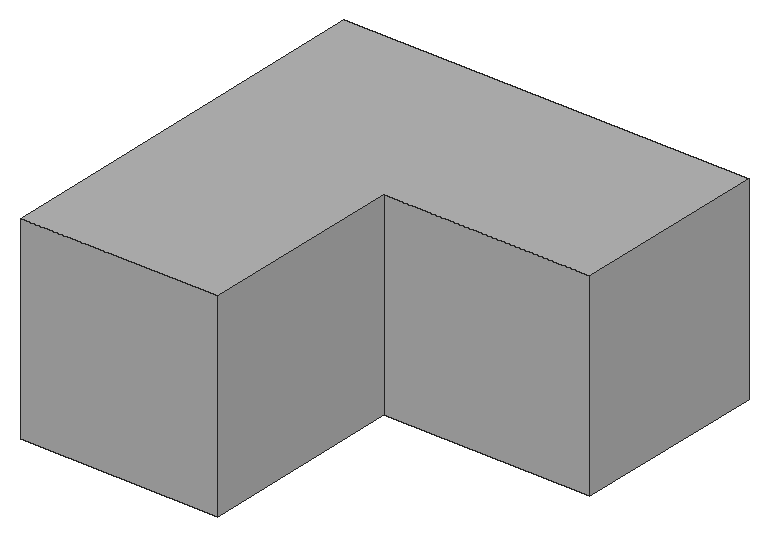
Revit family "215x215x440x440mm Corner Padstone -PS161", category Generic Models, Revit 2020
Family settings
  Can host rebar = No
  Round Connector Dimension = Use Diameter
  Part Type = Normal
  Work Plane-Based = No
  Always vertical = Yes
  Cut with Voids When Loaded = No
  Shared = No
  Room Calculation Point = No
Parameters
  Weight = "87Kg"
  Warranty Guarantor Parts = "n/a"
  Warranty Guarantor Labour = "n/a"
  Warranty Duration Unit = "n/a"
  Warranty Duration Parts = "n/a"
  Warranty Duration Labour = "n/a"
  Warranty Description = "n/a"
  Unit Width [instance] = 215 mm
  Unit Length [instance] = 440 mm
  Unit Height [instance] = 215 mm
  URL = "www.killeshal.com"
  Types = "Single"
  Type Comments = "Visit our website for a full list of available products."
  Sustainability Performance = "n/a"
  Structural Class = "n/a"
  Span = "Length."
  Slope = "0.00°"
  Size = "215 Wide x 215 High x 440mm Long Corner."
  Shape = "As per drawing"
  Service Life = "0.000000"
  Serial Number = "n/a"
  Resistance to Fire = "n/a"
  Replacement Cost = "n/a"
  Reference = "n/a"
  Notified Body = "n/a"
  Nominal Cover to Main Bar = "n/a"
  Model = "P/161 Padstone."
  Mechanical Resistance = "n/a"
  Manufacturer = "Killeshal Precast Concrete Ltd."
  Load Bearing = yes
  Life Cycle Environmental Load = "n/a"
  Length Options = "Stock sizes available. Custom sizes made to order."
  Keynote = "The information contained is the sole property of KPC Ltd., any reproduction in part or whole without permission of KPC Ltd. is prohibited."
  Environmental Product Declaration = "n/a"
  Environmental Class = "n/a"
  Durability against Corrosion = "n/a"
  Dimension Accuracy Class = "n/a"
  Detailing = "As per design specification and product drawings."
  Description = "Padstone 215 x 215 x 440 x 440mm."
  Default Elevation = 0 mm
  Dangerous Substances = "n/a"
  Contact Tel = "0035357 9353018"
  Contact Email = "sales@killeshal.com"
  Construction Type = "Precast"
  Construction Tolerance Class = "n/a"
  Compressive Strength of Concrete = "40N/mm²"
  Characteristics of Reinforcing Steel = "n/a"
  Characteristics Deflection Under Load = "n/a"
Reference planes
  plane 1 "Center (Front/Back)": y = 0
  plane 2: z = 0
  plane 3 "Center (Left/Right)": x = 0
  plane 4 "Rear": y = 107.5
  plane 5 "Front": y = -107.5
  plane 6 "Top": z = 215
  plane 7: x = 215
Forms (mm)
  Extrusion 1, solid, material "Precast Concrete (KPC)"
    sketch origin (0, 0, 0) x (0, 1, 0) y (0, 0, 1)
      loop
        line (107.5, 0) -> (107.5, 215) -> (-107.5, 215) -> (-107.5, 0) -> (107.5, 0)
    from 0 to 440
  Extrusion 2, solid, material "Precast Concrete (KPC)"
    sketch origin (0, 0, 0) x (1, 0, 0) y (0, 0, 1)
      loop
        line (0, 0) -> (215, 0) -> (215, 215) -> (0, 215) -> (0, 0)
    from 107.5 to 332.5
Cuts and joins
  joined: Extrusion 1, Extrusion 2
Dimensions and locks
  "Unit Length": Extrusion 1 to Extrusion 1
  "Unit Width": Extrusion 1 to Extrusion 1
  "Unit Height": Extrusion 1 to Extrusion 1
  cut or joined group of Extrusion 1, Extrusion 2 to cut or joined group of Extrusion 1, Extrusion 2 = 215 mm  (x4)
  cut or joined group of Extrusion 1, Extrusion 2 to cut or joined group of Extrusion 1, Extrusion 2 = 440 mm  (x3)
  cut or joined group of Extrusion 1, Extrusion 2 to cut or joined group of Extrusion 1, Extrusion 2 = 225 mm  (x2)
  aligned and locked: level to plane 2
Automatic sketch dimensions
  Extrusion 1 sketch curve to level = 0 mm
  Extrusion 1 sketch curve to plane 5 "Front" = 0 mm
  Extrusion 1 sketch curve to plane 4 "Rear" = 0 mm
  Extrusion 1 sketch curve to plane 6 "Top" = 0 mm
  Extrusion 2 sketch curve to plane 3 "Center (Left/Right)" = 0 mm
  Extrusion 2 sketch curve to plane 6 "Top" = 0 mm
  plane 7 to Extrusion 2 sketch curve = 0 mm
  Extrusion 2 sketch curve to level = 0 mm
